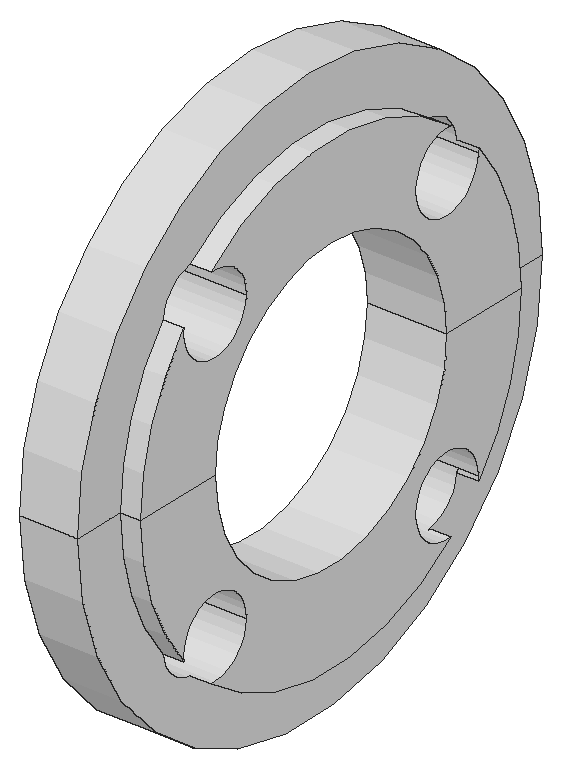
Revit family "EP-Система_Фитинг_НПВХ_Фланцевое соединение", category Соединительные детали трубопроводов, Revit 2019
Family settings
  Размер круглого соединителя = Использовать диаметр
  Тип детали = Соединение
  На основе рабочей плоскости = Нет
  Всегда вертикально = Да
  При загрузке вырезать с полостями = Нет
  Общий = Да
Parameters (values of type "EP-Система")
  Поиск в таблице имен = "EP-Система_Фитинг_НПВХ_Фланцевое соединение"  # constant formula
  z [instance] = size_lookup(Поиск в таблице имен, "z", 7 mm, d)  # 8 mm
  s [instance] = size_lookup(Поиск в таблице имен, "s", 28 mm, d)  # 22 mm
  d [instance] = 110 mm
  I [instance] = size_lookup(Поиск в таблице имен, "I", 240 mm, d)  # 180 mm
  E *2/3 [instance] = E / 4  # 55 mm
  E [instance] = size_lookup(Поиск в таблице имен, "E", 285 mm, d)  # 220 mm
  ADSK_Наименование [instance] = size_lookup(Поиск в таблице имен, "ADSK_Наименование", "Нет в каталоге", d)  # "Фланецевое соединение, DN110"
  ADSK_Масса_Текст [instance] = size_lookup(Поиск в таблице имен, "ADSK_Масса_Текст", "Нет в каталоге", d)  # "0,94"
  ADSK_Масса [instance] = 0
  ADSK_Марка = ""
  ADSK_Код изделия [instance] = size_lookup(Поиск в таблице имен, "ADSK_Код изделия", "Нет в каталоге", d)  # "ЕР-FL0110"
  ADSK_Завод-изготовитель = "Agpipe"  # constant formula
  ADSK_Единица измерения = "шт."  # constant formula
Reference planes
  plane 1 "По центру (Вперед/Назад)": y = 0
  plane 2: z = 0
  plane 3 "По центру (Влево/Вправо)": x = 0
  plane 4: x = -11
  plane 5: x = 11
  plane 6: y = 110
  plane 7: y = -110
  plane 8: y = -90
  plane 9: y = 90
  plane 10: x = 19
  plane 11: y = -55
  plane 12: y = 55
  plane 13: y = -27.5
Forms (mm)
  Revolve 1, solid, material "05 Пластик ПВХ Белый"
    sketch origin (0, 0, 0) x (1, 0, 0) y (0, 1, 0)
      loop
        line (-11, -55) -> (-11, -110) -> (11, -110) -> (11, -90) -> (19, -90) -> (19, -55) -> (-11, -55)
      axis (19, 0) -> (-11, 0)
    angle from 0 to 360
  Extrusion 2, void
    sketch origin (0, 0, 0) x (0, 1, 0) y (0, 0, 1)
      loop
        circle (55, 55) r 15
      loop
        circle (-55, 55) r 15
      loop
        circle (55, -55) r 15
      loop
        circle (-55, -55) r 15
    from -11 to 19
Cuts and joins
  Extrusion 2 cuts Revolve 1
Lines and regions (mm)
  reference lines
    curve 1: line (-11, 0, 0) -> (19, 0, 0)
Dimensions and locks
  equal spacing: plane 4, plane 3 "По центру (Влево/Вправо)", plane 5
  "s": plane 4 to plane 5
  equal spacing: plane 9, plane 1 "По центру (Вперед/Назад)", plane 8
  "I": plane 9 to plane 8
  equal spacing: plane 6, plane 1 "По центру (Вперед/Назад)", plane 7
  "E": plane 6 to plane 7
  "z": plane 5 to plane 10
  "E *2/3": Extrusion 2 sketch curve to level  (x2)
  "E *2/3": Extrusion 2 sketch curve to plane 1 "По центру (Вперед/Назад)"  (x2)
  "E *2/3": level to Extrusion 2 sketch curve  (x2)
  "E *2/3": plane 1 "По центру (Вперед/Назад)" to Extrusion 2 sketch curve  (x2)
  equal spacing: plane 11, plane 1 "По центру (Вперед/Назад)", plane 12
  "d": plane 12 to plane 11
  equal spacing: plane 11, plane 13, plane 1 "По центру (Вперед/Назад)"
  aligned and locked: level to plane 2
  aligned and locked: plane 4 to Revolve 1 sketch curve
  aligned and locked: plane 7 to Revolve 1 sketch curve
  aligned and locked: plane 5 to Revolve 1 sketch curve
  aligned and locked: Revolve 1 sketch curve to plane 8
  aligned and locked: Revolve 1 sketch curve to plane 10
  aligned and locked: Extrusion 2 to plane 4
  aligned and locked: Extrusion 2 to plane 10
  aligned and locked: plane 4 to curve 1
  aligned and locked: plane 10 to curve 1
Automatic sketch dimensions
  Revolve 1 sketch curve to plane 1 "По центру (Вперед/Назад)" = 0 mm
  Revolve 1 sketch curve to plane 4 = 1916.011 mm
  Revolve 1 sketch curve to plane 10 = 1913.011 mm
  plane 11 to Revolve 1 sketch curve = 0 mm
  plane 1 "По центру (Вперед/Назад)" to curve 1 = 0 mm
  radius of Extrusion 2 sketch curve = 15 mm  (x4)
Connectors
  piping at (-11, 0, 0), diameter 110, driven by "d"
    settings: on curve 1, index 1, connector inside diameter 609.6 mm, connector length 0 mm, flow factor 0, pipe flow 0.0 L/s, pressure drop 0.0 Pa, fitting loss kfactor 0, connector angle 0.00°, fixture units 0, engagement length 0 mm, angle of deflection 0.00°, flow configuration 0, flow direction 0, fitting loss method 0, system type 28, joint type 0, gender type 0, connector reference index 2, connector utility 0, adjustable connector no, is connector primary yes, connector description ""
  piping at (19, 0, 0), diameter 110, driven by "d"
    settings: on curve 1, index 2, connector inside diameter 609.6 mm, connector length 0 mm, flow factor 0, pipe flow 0.0 L/s, pressure drop 0.0 Pa, fitting loss kfactor 0, connector angle 0.00°, fixture units 0, engagement length 0 mm, angle of deflection 0.00°, flow configuration 0, flow direction 0, fitting loss method 0, system type 28, joint type 0, gender type 0, connector reference index 1, connector utility 0, adjustable connector no, is connector primary no, connector description ""
